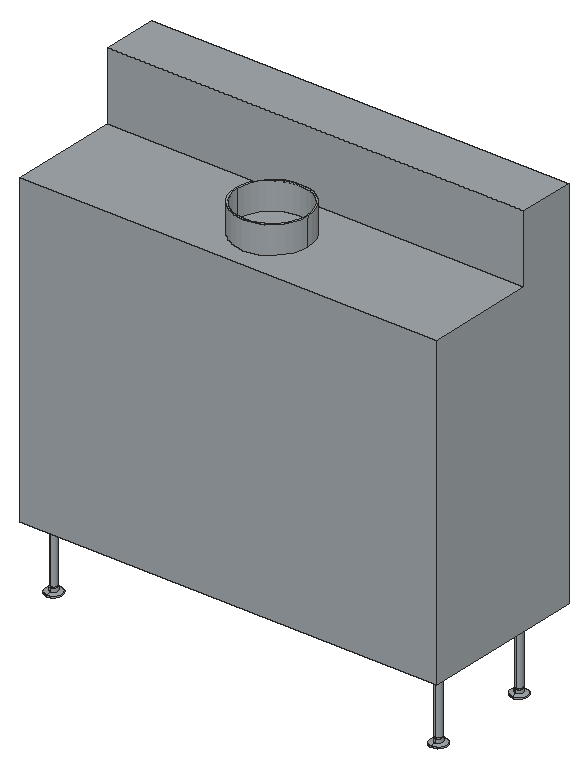
Revit family "METALFIRE_ULTIMATE_C_MF_WHE_1S", category Mechanical Equipment, host Wall, Revit 2017
Family settings
  Host = Wall
  Round Connector Dimension = Use Diameter
  Part Type = Normal
  OmniClass Number = 23.75.00.00
  OmniClass Title = Climate Control (HVAC)
  Always vertical = Yes
  Cut with Voids When Loaded = No
  Shared = No
  Room Calculation Point = Yes
Parameters (values of type "1300 x 500 mm")
  WIDTH = 1308 mm
  WEIGHT = 433.00 kg
  URL = "https://www.metalfire.eu"
  TECHNICAL SHEET = "https://www.metalfire.eu/en/products/wood-fireplaces/ultime-d"
  SMOKE EXHAUST = "Ø250 mm"
  PRODUCT SHEET = "https://www.archiproducts.com/en/products/metalfire/wood-burning-fireplace-class-a-ultime-c_456694"
  PRODUCT CODE = "MF 1300-50 WHE 1S"
  OVERALL WIDTH = 1500 mm
  OVERALL HEIGHT = 1360 mm
  OVERALL DEPTH = 596 mm
  OUTPUT = 26.3 kW
  Model = "Ultime C"
  Manufacturer = "Metalfire"
  MATERIAL DESCRIPTION = "Iron, galvanized steel and vermiculite plates"
  HEIGHT = 510 mm
  FRAME MATERIAL = Iron - Metalfire
  FINISHING MATERIAL = Black painted vermiculite plates - Metalfire
  FINE DUST EMISSION = "17 mg/Nm3"
  ENERGY EFFICIENCY CLASS = "A"
  EFFICIENCY = 70.00%
  Description = "This generation of room air independent wood fireplaces with liftable door is equipped with a dynamic combustion technique that ensures optimal combustion and high efficiency."
  CO EMISSION = 0.10%
  BIM USER MANUAL = "https://img.edilportale.com/bim/METALFIRE-BIM-USER-MANUAL-Metalfire-bim.pdf"
  BIM BADGE = "https://bim.archiproducts.com/en/badge/bim-archiproducts-featured_658700/about"
  BIM AUTHOR = "https://bim.archiproducts.com"
Reference planes
  plane 1 "Wall": y = 0
  plane 2 "Center (Left/Right)": x = 0
  plane 3 "Back": y = 400
  plane 4: x = 654
  plane 5: x = -654
  plane 6: z = 358.8
  plane 7: z = 868.8
  plane 8: x = 693
  plane 9: x = -693
Forms (mm)
  Extrusion 1, void
    sketch origin (0, 400, 0) x (1, 0, 0) y (0, 0, 1)
      loop
        line (664, 348.8) -> (664, 878.8) -> (-664, 878.8) -> (-664, 348.8) -> (664, 348.8)
    from 0 to 70
  Extrusion 2, void
    sketch origin (0, 0, 0) x (0, 1, 0) y (0, 0, 1)
      loop
        line (380, 1599.8) -> (-216, 1599.8) -> (-216, 0) -> (380, 0) -> (380, 1599.8)
    from -714.5 to 714.5
  Revolve 3, solid, material "Iron - Metalfire" <- "FRAME MATERIAL", not visible, detail levels fine
    sketch origin (693, 293.599, 4000) x (0, 1, 0) y (0, 0, 1)
      loop
        line (-165.599, -3757.2) -> (-165.599, -4000) -> (-135.599, -4000) -> (-135.599, -3997) -> (-160.676, -3990.851) -> (-151.742, -3990.851) -> (-151.742, -3981.729) -> (-158.099, -3981.729) -> (-158.099, -3974.117) -> (-153.099, -3974.117) -> (-153.099, -3787.2) -> (-150.599, -3787.2) -> (-150.599, -3757.2) -> (-165.599, -3757.2)
      axis (-165.599, -3757.2) -> (-165.599, -4000)
    angle from 0 to 360
  Revolve 4, solid, material "Iron - Metalfire" <- "FRAME MATERIAL", not visible, detail levels fine
    sketch origin (693, -69.401, 4000) x (0, 1, 0) y (0, 0, 1)
      loop
        line (-165.599, -3757.2) -> (-165.599, -4000) -> (-135.599, -4000) -> (-135.599, -3997) -> (-160.676, -3990.851) -> (-151.742, -3990.851) -> (-151.742, -3981.729) -> (-158.099, -3981.729) -> (-158.099, -3974.117) -> (-153.099, -3974.117) -> (-153.099, -3787.2) -> (-150.599, -3787.2) -> (-150.599, -3757.2) -> (-165.599, -3757.2)
      axis (-165.599, -3757.2) -> (-165.599, -4000)
    angle from 0 to 360
  Revolve 5, solid, material "Iron - Metalfire" <- "FRAME MATERIAL", detail levels fine
    sketch origin (693, 393.599, 4000) x (0, 1, 0) y (0, 0, 1)
      loop
        line (-165.599, -3757.2) -> (-165.599, -4000) -> (-135.599, -4000) -> (-135.599, -3997) -> (-160.676, -3990.851) -> (-151.742, -3990.851) -> (-151.742, -3981.729) -> (-158.099, -3981.729) -> (-158.099, -3974.117) -> (-153.099, -3974.117) -> (-153.099, -3787.2) -> (-150.599, -3787.2) -> (-150.599, -3757.2) -> (-165.599, -3757.2)
      axis (-165.599, -3757.2) -> (-165.599, -4000)
    angle from 0 to 360
  Revolve 6, solid, material "Iron - Metalfire" <- "FRAME MATERIAL", detail levels fine
    sketch origin (-693, -393.599, 4000) x (0, -1, 0) y (0, 0, 1)
      loop
        line (-621.599, -3757.2) -> (-636.599, -3757.2) -> (-636.599, -3787.2) -> (-634.099, -3787.2) -> (-634.099, -3974.117) -> (-629.099, -3974.117) -> (-629.099, -3981.729) -> (-635.455, -3981.729) -> (-635.455, -3990.851) -> (-626.522, -3990.851) -> (-651.599, -3997) -> (-651.599, -4000) -> (-621.599, -4000) -> (-621.599, -3757.2)
      axis (-621.599, -3757.2) -> (-621.599, -4000)
    angle from 0 to 360
  Extrusion 7, solid, material "Black painted vermiculite plates - Metalfire" <- "FINISHING MATERIAL", detail levels medium+fine
    sketch origin (0, 1000, 0) x (1, 0, 0) y (0, 0, 1)
      loop
        line (654, 358.8) -> (654, 868.8) -> (-654, 868.8) -> (-654, 358.8) -> (654, 358.8)
      loop
        line (-664, 878.8) -> (-664, 348.8) -> (664, 348.8) -> (664, 878.8) -> (-664, 878.8)
    from 600 to 620
  Revolve 8, solid, material "Iron - Metalfire" <- "FRAME MATERIAL", detail levels fine
    sketch origin (693, 30.599, 4000) x (0, 1, 0) y (0, 0, 1)
      loop
        line (-165.599, -3757.2) -> (-165.599, -4000) -> (-135.599, -4000) -> (-135.599, -3997) -> (-160.676, -3990.851) -> (-151.742, -3990.851) -> (-151.742, -3981.729) -> (-158.099, -3981.729) -> (-158.099, -3974.117) -> (-153.099, -3974.117) -> (-153.099, -3787.2) -> (-150.599, -3787.2) -> (-150.599, -3757.2) -> (-165.599, -3757.2)
      axis (-165.599, -3757.2) -> (-165.599, -4000)
    angle from 0 to 360
  Revolve 9, solid, material "Iron - Metalfire" <- "FRAME MATERIAL", detail levels fine
    sketch origin (-693, -30.599, 4000) x (0, -1, 0) y (0, 0, 1)
      loop
        line (104.401, -3757.2) -> (89.401, -3757.2) -> (89.401, -3787.2) -> (91.901, -3787.2) -> (91.901, -3974.117) -> (96.901, -3974.117) -> (96.901, -3981.729) -> (90.545, -3981.729) -> (90.545, -3990.851) -> (99.478, -3990.851) -> (74.401, -3997) -> (74.401, -4000) -> (104.401, -4000) -> (104.401, -3757.2)
      axis (104.401, -3757.2) -> (104.401, -4000)
    angle from 0 to 360
  Extrusion 10, solid, material "Iron - Metalfire" <- "FRAME MATERIAL", detail levels fine
    sketch origin (-324, 1974.099, 4017.651) x (0, 1, 0) y (0, 0, 1)
      loop
        line (-2125.099, -3138.851) -> (-1594.099, -3138.851) -> (-1594.099, -2417.851) -> (-1794.099, -2417.851) -> (-1794.099, -2664.851) -> (-2190.099, -2664.851) -> (-2190.099, -3774.851) -> (-1594.099, -3774.851) -> (-1594.099, -3668.851) -> (-2125.099, -3668.851) -> (-2125.099, -3138.851)
    from -350 to 998
  Extrusion 11, solid, material "Iron - Metalfire" <- "FRAME MATERIAL", detail levels fine
    sketch origin (0, 700, 0) x (1, 0, 0) y (0, 1, 0)
      loop
        circle (0, -718.5) r 125
      loop
        circle (0, -718.5) r 130
    from 1352.8 to 1451.8
  Extrusion 12, solid, material "Iron - Metalfire" <- "FRAME MATERIAL", detail levels fine
    sketch origin (324, -225.901, 4017.651) x (0, 1, 0) y (0, 0, -1)
      loop
        line (9.901, 2664.851) -> (405.901, 2664.851) -> (405.901, 2417.851) -> (605.901, 2417.851) -> (605.901, 3774.851) -> (9.901, 3774.851) -> (9.901, 2664.851)
    from -350 to -426
  Extrusion 13, solid, material "Black painted vermiculite plates - Metalfire" <- "FINISHING MATERIAL", detail levels medium+fine
    sketch origin (-1836.531, 976.501, 0) x (1, 0, 0) y (0, 1, 0)
      loop
        line (1162.531, -596.501) -> (1162.531, -1127.501) -> (2510.531, -1127.501) -> (2510.531, -596.501) -> (2490.531, -596.501) -> (2490.531, -676.501) -> (2500.531, -676.501) -> (2500.531, -696.501) -> (2490.531, -696.501) -> (2490.531, -716.501) -> (2500.531, -716.501) -> (2500.531, -736.501) -> (2490.531, -736.501) -> (2490.531, -756.501) -> (2500.531, -756.501) -> (2500.531, -776.501) -> (2490.531, -776.501) -> (2490.531, -796.501) -> (2500.531, -796.501) -> (2500.531, -816.501) -> (2490.531, -816.501) -> (2490.531, -836.501) -> (2500.531, -836.501) -> (2500.531, -856.501) -> (2490.531, -856.501) -> (2490.531, -876.501) -> (2500.531, -876.501) -> (2500.531, -896.501) -> (2490.531, -896.501) -> (2490.531, -916.501) -> (2500.531, -916.501) -> (2500.531, -936.501) -> (2490.531, -936.501) -> (2490.531, -956.501) -> (2500.531, -956.501) -> (2500.531, -976.501) -> (2490.531, -976.501) -> (2490.531, -996.501) -> (2500.531, -996.501) -> (2500.531, -1016.501) -> (2490.531, -1016.501) -> (2490.531, -1036.501) -> (2500.531, -1036.501) -> (2500.531, -1056.501) -> (2490.531, -1056.501) -> (2490.531, -1076.501) -> (2500.531, -1076.501) -> (2500.531, -1096.501) -> (2490.531, -1096.501) -> (2490.531, -1107.501) -> (2486.531, -1107.501) -> (2486.531, -1117.501) -> (2466.531, -1117.501) -> (2466.531, -1107.501) -> (2446.531, -1107.501) -> (2446.531, -1117.501) -> (2426.531, -1117.501) -> (2426.531, -1107.501) -> (2406.531, -1107.501) -> (2406.531, -1117.501) -> (2386.531, -1117.501) -> (2386.531, -1107.501) -> (2366.531, -1107.501) -> (2366.531, -1117.501) -> (2346.531, -1117.501) -> (2346.531, -1107.501) -> (2326.531, -1107.501) -> (2326.531, -1117.501) -> (2306.531, -1117.501) -> (2306.531, -1107.501) -> (2286.531, -1107.501) -> (2286.531, -1117.501) -> (2266.531, -1117.501) -> (2266.531, -1107.501) -> (2246.531, -1107.501) -> (2246.531, -1117.501) -> (2226.531, -1117.501) -> (2226.531, -1107.501) -> (2206.531, -1107.501) -> (2206.531, -1117.501) -> (2186.531, -1117.501) -> (2186.531, -1107.501) -> (2166.531, -1107.501) -> (2166.531, -1117.501) -> (2146.531, -1117.501) -> (2146.531, -1107.501) -> (2126.531, -1107.501) -> (2126.531, -1117.501) -> (2106.531, -1117.501) -> (2106.531, -1107.501) -> (2086.531, -1107.501) -> (2086.531, -1117.501) -> (2066.531, -1117.501) -> (2066.531, -1107.501) -> (2046.531, -1107.501) -> (2046.531, -1117.501) -> (2026.531, -1117.501) -> (2026.531, -1107.501) -> (2006.531, -1107.501) -> (2006.531, -1117.501) -> (1986.531, -1117.501) -> (1986.531, -1107.501) -> (1966.531, -1107.501) -> (1966.531, -1117.501) -> (1946.531, -1117.501) -> (1946.531, -1107.501) -> (1926.531, -1107.501) -> (1926.531, -1117.501) -> (1906.531, -1117.501) -> (1906.531, -1107.501) -> (1886.531, -1107.501) -> (1886.531, -1117.501) -> (1866.531, -1117.501) -> (1866.531, -1107.501) -> (1846.531, -1107.501) -> (1846.531, -1117.501) -> (1826.531, -1117.501) -> (1826.531, -1107.501) -> (1806.531, -1107.501) -> (1806.531, -1117.501) -> (1786.531, -1117.501) -> (1786.531, -1107.501) -> (1766.531, -1107.501) -> (1766.531, -1117.501) -> (1746.531, -1117.501) -> (1746.531, -1107.501) -> (1726.531, -1107.501) -> (1726.531, -1117.501) -> (1706.531, -1117.501) -> (1706.531, -1107.501) -> (1686.531, -1107.501) -> (1686.531, -1117.501) -> (1666.531, -1117.501) -> (1666.531, -1107.501) -> (1646.531, -1107.501) -> (1646.531, -1117.501) -> (1626.531, -1117.501) -> (1626.531, -1107.501) -> (1606.531, -1107.501) -> (1606.531, -1117.501) -> (1586.531, -1117.501) -> (1586.531, -1107.501) -> (1566.531, -1107.501) -> (1566.531, -1117.501) -> (1546.531, -1117.501) -> (1546.531, -1107.501) -> (1526.531, -1107.501) -> (1526.531, -1117.501) -> (1506.531, -1117.501) -> (1506.531, -1107.501) -> (1486.531, -1107.501) -> (1486.531, -1117.501) -> (1466.531, -1117.501) -> (1466.531, -1107.501) -> (1446.531, -1107.501) -> (1446.531, -1117.501) -> (1426.531, -1117.501) -> (1426.531, -1107.501) -> (1406.531, -1107.501) -> (1406.531, -1117.501) -> (1386.531, -1117.501) -> (1386.531, -1107.501) -> (1366.531, -1107.501) -> (1366.531, -1117.501) -> (1346.531, -1117.501) -> (1346.531, -1107.501) -> (1326.531, -1107.501) -> (1326.531, -1117.501) -> (1306.531, -1117.501) -> (1306.531, -1107.501) -> (1286.531, -1107.501) -> (1286.531, -1117.501) -> (1266.531, -1117.501) -> (1266.531, -1107.501) -> (1246.531, -1107.501) -> (1246.531, -1117.501) -> (1226.531, -1117.501) -> (1226.531, -1107.501) -> (1206.531, -1107.501) -> (1206.531, -1117.501) -> (1186.531, -1117.501) -> (1186.531, -1107.501) -> (1182.531, -1107.501) -> (1182.531, -1096.501) -> (1172.531, -1096.501) -> (1172.531, -1076.501) -> (1182.531, -1076.501) -> (1182.531, -1056.501) -> (1172.531, -1056.501) -> (1172.531, -1036.501) -> (1182.531, -1036.501) -> (1182.531, -1016.501) -> (1172.531, -1016.501) -> (1172.531, -996.501) -> (1182.531, -996.501) -> (1182.531, -976.501) -> (1172.531, -976.501) -> (1172.531, -956.501) -> (1182.531, -956.501) -> (1182.531, -936.501) -> (1172.531, -936.501) -> (1172.531, -916.501) -> (1182.531, -916.501) -> (1182.531, -896.501) -> (1172.531, -896.501) -> (1172.531, -876.501) -> (1182.531, -876.501) -> (1182.531, -856.501) -> (1172.531, -856.501) -> (1172.531, -836.501) -> (1182.531, -836.501) -> (1182.531, -816.501) -> (1172.531, -816.501) -> (1172.531, -796.501) -> (1182.531, -796.501) -> (1182.531, -776.501) -> (1172.531, -776.501) -> (1172.531, -756.501) -> (1182.531, -756.501) -> (1182.531, -736.501) -> (1172.531, -736.501) -> (1172.531, -716.501) -> (1182.531, -716.501) -> (1182.531, -696.501) -> (1172.531, -696.501) -> (1172.531, -676.501) -> (1182.531, -676.501) -> (1182.531, -596.501) -> (1162.531, -596.501)
    from 358.8 to 868.8
  Extrusion 14, solid, material "Black painted vermiculite plates - Metalfire" <- "FINISHING MATERIAL", not visible, detail levels medium+fine
    sketch origin (-1836.531, 64.133, 0) x (1, 0, 0) y (0, 1, 0)
      loop
        line (1162.531, -596.501) -> (1162.531, -1127.501) -> (2510.531, -1127.501) -> (2510.531, -596.501) -> (2490.531, -596.501) -> (2490.531, -676.501) -> (2500.531, -676.501) -> (2500.531, -696.501) -> (2490.531, -696.501) -> (2490.531, -716.501) -> (2500.531, -716.501) -> (2500.531, -736.501) -> (2490.531, -736.501) -> (2490.531, -756.501) -> (2500.531, -756.501) -> (2500.531, -776.501) -> (2490.531, -776.501) -> (2490.531, -796.501) -> (2500.531, -796.501) -> (2500.531, -816.501) -> (2490.531, -816.501) -> (2490.531, -836.501) -> (2500.531, -836.501) -> (2500.531, -856.501) -> (2490.531, -856.501) -> (2490.531, -876.501) -> (2500.531, -876.501) -> (2500.531, -896.501) -> (2490.531, -896.501) -> (2490.531, -916.501) -> (2500.531, -916.501) -> (2500.531, -936.501) -> (2490.531, -936.501) -> (2490.531, -956.501) -> (2500.531, -956.501) -> (2500.531, -976.501) -> (2490.531, -976.501) -> (2490.531, -996.501) -> (2500.531, -996.501) -> (2500.531, -1016.501) -> (2490.531, -1016.501) -> (2490.531, -1036.501) -> (2500.531, -1036.501) -> (2500.531, -1056.501) -> (2490.531, -1056.501) -> (2490.531, -1076.501) -> (2500.531, -1076.501) -> (2500.531, -1096.501) -> (2490.531, -1096.501) -> (2490.531, -1107.501) -> (2486.531, -1107.501) -> (2486.531, -1117.501) -> (2466.531, -1117.501) -> (2466.531, -1107.501) -> (2446.531, -1107.501) -> (2446.531, -1117.501) -> (2426.531, -1117.501) -> (2426.531, -1107.501) -> (2406.531, -1107.501) -> (2406.531, -1117.501) -> (2386.531, -1117.501) -> (2386.531, -1107.501) -> (2366.531, -1107.501) -> (2366.531, -1117.501) -> (2346.531, -1117.501) -> (2346.531, -1107.501) -> (2326.531, -1107.501) -> (2326.531, -1117.501) -> (2306.531, -1117.501) -> (2306.531, -1107.501) -> (2286.531, -1107.501) -> (2286.531, -1117.501) -> (2266.531, -1117.501) -> (2266.531, -1107.501) -> (2246.531, -1107.501) -> (2246.531, -1117.501) -> (2226.531, -1117.501) -> (2226.531, -1107.501) -> (2206.531, -1107.501) -> (2206.531, -1117.501) -> (2186.531, -1117.501) -> (2186.531, -1107.501) -> (2166.531, -1107.501) -> (2166.531, -1117.501) -> (2146.531, -1117.501) -> (2146.531, -1107.501) -> (2126.531, -1107.501) -> (2126.531, -1117.501) -> (2106.531, -1117.501) -> (2106.531, -1107.501) -> (2086.531, -1107.501) -> (2086.531, -1117.501) -> (2066.531, -1117.501) -> (2066.531, -1107.501) -> (2046.531, -1107.501) -> (2046.531, -1117.501) -> (2026.531, -1117.501) -> (2026.531, -1107.501) -> (2006.531, -1107.501) -> (2006.531, -1117.501) -> (1986.531, -1117.501) -> (1986.531, -1107.501) -> (1966.531, -1107.501) -> (1966.531, -1117.501) -> (1946.531, -1117.501) -> (1946.531, -1107.501) -> (1926.531, -1107.501) -> (1926.531, -1117.501) -> (1906.531, -1117.501) -> (1906.531, -1107.501) -> (1886.531, -1107.501) -> (1886.531, -1117.501) -> (1866.531, -1117.501) -> (1866.531, -1107.501) -> (1846.531, -1107.501) -> (1846.531, -1117.501) -> (1826.531, -1117.501) -> (1826.531, -1107.501) -> (1806.531, -1107.501) -> (1806.531, -1117.501) -> (1786.531, -1117.501) -> (1786.531, -1107.501) -> (1766.531, -1107.501) -> (1766.531, -1117.501) -> (1746.531, -1117.501) -> (1746.531, -1107.501) -> (1726.531, -1107.501) -> (1726.531, -1117.501) -> (1706.531, -1117.501) -> (1706.531, -1107.501) -> (1686.531, -1107.501) -> (1686.531, -1117.501) -> (1666.531, -1117.501) -> (1666.531, -1107.501) -> (1646.531, -1107.501) -> (1646.531, -1117.501) -> (1626.531, -1117.501) -> (1626.531, -1107.501) -> (1606.531, -1107.501) -> (1606.531, -1117.501) -> (1586.531, -1117.501) -> (1586.531, -1107.501) -> (1566.531, -1107.501) -> (1566.531, -1117.501) -> (1546.531, -1117.501) -> (1546.531, -1107.501) -> (1526.531, -1107.501) -> (1526.531, -1117.501) -> (1506.531, -1117.501) -> (1506.531, -1107.501) -> (1486.531, -1107.501) -> (1486.531, -1117.501) -> (1466.531, -1117.501) -> (1466.531, -1107.501) -> (1446.531, -1107.501) -> (1446.531, -1117.501) -> (1426.531, -1117.501) -> (1426.531, -1107.501) -> (1406.531, -1107.501) -> (1406.531, -1117.501) -> (1386.531, -1117.501) -> (1386.531, -1107.501) -> (1366.531, -1107.501) -> (1366.531, -1117.501) -> (1346.531, -1117.501) -> (1346.531, -1107.501) -> (1326.531, -1107.501) -> (1326.531, -1117.501) -> (1306.531, -1117.501) -> (1306.531, -1107.501) -> (1286.531, -1107.501) -> (1286.531, -1117.501) -> (1266.531, -1117.501) -> (1266.531, -1107.501) -> (1246.531, -1107.501) -> (1246.531, -1117.501) -> (1226.531, -1117.501) -> (1226.531, -1107.501) -> (1206.531, -1107.501) -> (1206.531, -1117.501) -> (1186.531, -1117.501) -> (1186.531, -1107.501) -> (1182.531, -1107.501) -> (1182.531, -1096.501) -> (1172.531, -1096.501) -> (1172.531, -1076.501) -> (1182.531, -1076.501) -> (1182.531, -1056.501) -> (1172.531, -1056.501) -> (1172.531, -1036.501) -> (1182.531, -1036.501) -> (1182.531, -1016.501) -> (1172.531, -1016.501) -> (1172.531, -996.501) -> (1182.531, -996.501) -> (1182.531, -976.501) -> (1172.531, -976.501) -> (1172.531, -956.501) -> (1182.531, -956.501) -> (1182.531, -936.501) -> (1172.531, -936.501) -> (1172.531, -916.501) -> (1182.531, -916.501) -> (1182.531, -896.501) -> (1172.531, -896.501) -> (1172.531, -876.501) -> (1182.531, -876.501) -> (1182.531, -856.501) -> (1172.531, -856.501) -> (1172.531, -836.501) -> (1182.531, -836.501) -> (1182.531, -816.501) -> (1172.531, -816.501) -> (1172.531, -796.501) -> (1182.531, -796.501) -> (1182.531, -776.501) -> (1172.531, -776.501) -> (1172.531, -756.501) -> (1182.531, -756.501) -> (1182.531, -736.501) -> (1172.531, -736.501) -> (1172.531, -716.501) -> (1182.531, -716.501) -> (1182.531, -696.501) -> (1172.531, -696.501) -> (1172.531, -676.501) -> (1182.531, -676.501) -> (1182.531, -596.501) -> (1162.531, -596.501)
    from 358.8 to 868.8
  Extrusion 15, solid, material "Iron - Metalfire" <- "FRAME MATERIAL", detail levels fine
    sketch origin (-324, -225.901, 4017.651) x (0, 1, 0) y (0, 0, 1)
      loop
        line (9.901, -2664.851) -> (9.901, -3774.851) -> (605.901, -3774.851) -> (605.901, -2417.851) -> (405.901, -2417.851) -> (405.901, -2664.851) -> (9.901, -2664.851)
    from -350 to -426
  Extrusion 16, solid, material "Black painted vermiculite plates - Metalfire" <- "FINISHING MATERIAL", detail levels medium+fine
    sketch origin (-324, -225.901, 4017.651) x (0, 1, 0) y (0, 0, 1)
      loop
        line (74.901, -3138.851) -> (74.901, -3148.851) -> (605.901, -3148.851) -> (605.901, -3138.851) -> (74.901, -3138.851)
      loop
        line (74.901, -3668.851) -> (605.901, -3668.851) -> (605.901, -3658.851) -> (74.901, -3658.851) -> (74.901, -3668.851)
    from 998 to -350
  Extrusion 17, solid, material "Black painted vermiculite plates - Metalfire" <- "FINISHING MATERIAL", not visible, detail levels medium+fine
    sketch origin (-324, -1138.269, 4017.651) x (0, 1, 0) y (0, 0, 1)
      loop
        line (74.901, -3138.851) -> (74.901, -3148.851) -> (605.901, -3148.851) -> (605.901, -3138.851) -> (74.901, -3138.851)
      loop
        line (74.901, -3668.851) -> (605.901, -3668.851) -> (605.901, -3658.851) -> (74.901, -3658.851) -> (74.901, -3668.851)
    from 998 to -350
  Extrusion 18, solid, material "Clear Glass - Metalfire", detail levels medium+fine
    sketch origin (-324, -225.901, 4017.651) x (0, 1, 0) y (0, 0, 1)
      loop
        line (605.901, -3658.851) -> (605.901, -3148.851) -> (600.901, -3148.851) -> (600.901, -3658.851) -> (605.901, -3658.851)
    from -330 to 978
Cuts and joins
  joined: Extrusion 10, Extrusion 12, Extrusion 15
  joined: Extrusion 13, Extrusion 16
Text (mm)
  text "Placement side" at (-1820.995, 1116.779, 0), in view "Ref. Level"
  text "Placement side" at (0, 1334.055, 2976.191), in view "Left"
  text "Placement side" at (0, 439.194, 2944.362), in view "Right"
Dimensions and locks
  locked: plane 3 "Back" to host wall
  equal spacing: plane 5, plane 2 "Center (Left/Right)", plane 4
  "WIDTH": plane 5 to plane 4
  locked: level to plane 6 at 358.8
  "HEIGHT": plane 6 to plane 7
  locked: plane 8 to plane 4 at 39
  locked: plane 5 to plane 9 at 39
  locked: Extrusion 7 sketch curve to Extrusion 7 sketch curve at 10  (x4)
  Extrusion 10 sketch curve to Extrusion 10 sketch curve to Extrusion 10 sketch curve to Extrusion 10 sketch curve to plane 3 "Back" = 65 mm locked, 331 mm locked, 200 mm locked, 20 mm locked
  locked: Revolve 5 to plane 3 "Back" at 179.5
  locked: Revolve 6 to plane 3 "Back" at 187
  locked: Extrusion 7 to Extrusion 7 at 20
  locked: Extrusion 11 sketch curve to plane 3 "Back" at 418.5
  locked: Extrusion 13 sketch curve to Extrusion 13 sketch curve at 531
  locked: Extrusion 14 sketch curve to Extrusion 14 sketch curve at 531
  plane 7 to Extrusion 10 sketch curve to Extrusion 10 sketch curve to Extrusion 10 sketch curve = 10 mm locked, 474 mm locked, 247 mm locked
  plane 6 to Extrusion 10 sketch curve to Extrusion 10 sketch curve = 10 mm locked, 106 mm locked
  locked: Extrusion 12 to plane 8 at 57
  locked: Extrusion 12 to plane 8 at 19
  locked: plane 9 to Extrusion 10 at 19
  locked: Extrusion 15 to plane 9 at 57
  locked: Extrusion 18 sketch curve to Extrusion 18 sketch curve at 5
  aligned and locked: plane 1 "Wall" to host wall
  aligned and locked: Extrusion 1 to plane 3 "Back"
  aligned and locked: Extrusion 10 sketch curve to Extrusion 10 sketch curve
  aligned and locked: Extrusion 7 to plane 3 "Back"
  aligned and locked: Extrusion 13 to Extrusion 13
  aligned and locked: plane 7 to Extrusion 13
  aligned and locked: Extrusion 13 to plane 6
  aligned and locked: Extrusion 12 to Extrusion 10  (x3)
  aligned and locked: cut or joined group of Extrusion 10, Extrusion 12, Extrusion 15 to Extrusion 13
  aligned and locked: Extrusion 15 to cut or joined group of Extrusion 10, Extrusion 12, Extrusion 15
  aligned and locked: Extrusion 15 sketch curve to cut or joined group of Extrusion 10, Extrusion 12, Extrusion 15  (x6)
  aligned and locked: Extrusion 16 sketch curve to Extrusion 13  (x2)
  aligned and locked: Extrusion 16 to cut or joined group of Extrusion 10, Extrusion 12, Extrusion 15  (x2)
  aligned and locked: Extrusion 17 sketch curve to Extrusion 14  (x2)
  aligned and locked: nested 1 to cut or joined group of Extrusion 10, Extrusion 12, Extrusion 15  (x3)
  aligned and locked: cut or joined group of Extrusion 10, Extrusion 12, Extrusion 15 to nested 1
  aligned and locked: Extrusion 18 sketch curve to cut or joined group of Extrusion 13, Extrusion 16
  aligned and locked: Extrusion 7 to Extrusion 18 sketch curve
  aligned and locked: cut or joined group of Extrusion 13, Extrusion 16 to Extrusion 18 sketch curve
  aligned and locked: Extrusion 18 to Extrusion 7  (x2)
  aligned and locked: Extrusion 2 sketch curve to cut or joined group of Extrusion 10, Extrusion 12, Extrusion 15  (x3)
Automatic sketch dimensions
  Revolve 3 sketch curve to Revolve 3 sketch curve = 4.923 mm
  Revolve 3 sketch curve to Revolve 3 sketch curve = 2.577 mm
  Revolve 3 sketch curve to Revolve 3 sketch curve = 5 mm
  Revolve 3 sketch curve to Revolve 3 sketch curve = 8.933 mm
  Revolve 3 sketch curve to Revolve 3 sketch curve = 15 mm
  Revolve 3 sketch curve to Revolve 3 sketch curve = 16.144 mm
  Revolve 3 sketch curve to Revolve 3 sketch curve = 3 mm
  Revolve 3 sketch curve to Revolve 3 sketch curve = 9.149 mm
  Revolve 3 sketch curve to Revolve 3 sketch curve = 9.121 mm
  Revolve 3 sketch curve to Revolve 3 sketch curve = 7.612 mm
  Revolve 3 sketch curve to Revolve 3 sketch curve = 186.917 mm
  Revolve 3 sketch curve to Revolve 3 sketch curve = 30 mm
  Revolve 3 sketch curve to Revolve 3 sketch curve = 0 mm
  Revolve 3 sketch curve to Revolve 3 sketch curve = 29 mm
  Revolve 3 sketch curve to Revolve 3 sketch curve = 33.2 mm
  Revolve 5 sketch curve to Revolve 5 sketch curve = 4.923 mm
  Revolve 5 sketch curve to Revolve 5 sketch curve = 2.577 mm
  Revolve 5 sketch curve to Revolve 5 sketch curve = 5 mm
  Revolve 5 sketch curve to Revolve 5 sketch curve = 8.933 mm
  Revolve 5 sketch curve to Revolve 5 sketch curve = 15 mm
  Revolve 5 sketch curve to Revolve 5 sketch curve = 16.144 mm
  Revolve 5 sketch curve to Revolve 5 sketch curve = 3 mm
  Revolve 5 sketch curve to Revolve 5 sketch curve = 9.149 mm
  Revolve 5 sketch curve to Revolve 5 sketch curve = 9.121 mm
  Revolve 5 sketch curve to Revolve 5 sketch curve = 7.612 mm
  Revolve 5 sketch curve to Revolve 5 sketch curve = 186.917 mm
  Revolve 5 sketch curve to Revolve 5 sketch curve = 30 mm
  Revolve 5 sketch curve to Revolve 5 sketch curve = 0 mm
  Revolve 5 sketch curve to Revolve 5 sketch curve = 29 mm
  Revolve 5 sketch curve to Revolve 5 sketch curve = 33.2 mm
  Revolve 6 sketch curve to Revolve 6 sketch curve = 4.923 mm
  Revolve 6 sketch curve to Revolve 6 sketch curve = 2.577 mm
  Revolve 6 sketch curve to Revolve 6 sketch curve = 5 mm
  Revolve 6 sketch curve to Revolve 6 sketch curve = 8.933 mm
  Revolve 6 sketch curve to Revolve 6 sketch curve = 15 mm
  Revolve 6 sketch curve to Revolve 6 sketch curve = 16.144 mm
  Revolve 6 sketch curve to Revolve 6 sketch curve = 3 mm
  Revolve 6 sketch curve to Revolve 6 sketch curve = 9.149 mm
  Revolve 6 sketch curve to Revolve 6 sketch curve = 9.121 mm
  Revolve 6 sketch curve to Revolve 6 sketch curve = 7.612 mm
  Revolve 6 sketch curve to Revolve 6 sketch curve = 186.917 mm
  Revolve 6 sketch curve to Revolve 6 sketch curve = 30 mm
  Revolve 6 sketch curve to Revolve 6 sketch curve = 0 mm
  Revolve 6 sketch curve to Revolve 6 sketch curve = 29 mm
  Revolve 6 sketch curve to Revolve 6 sketch curve = 33.2 mm
  Revolve 9 sketch curve to Revolve 9 sketch curve = 15 mm
  Revolve 9 sketch curve to Revolve 9 sketch curve = 16.144 mm
  Revolve 9 sketch curve to Revolve 9 sketch curve = 1.356 mm
  Revolve 9 sketch curve to Revolve 9 sketch curve = 6.356 mm
  Revolve 9 sketch curve to Revolve 9 sketch curve = 8.933 mm
  Revolve 9 sketch curve to Revolve 9 sketch curve = 4.923 mm
  Revolve 9 sketch curve to Revolve 9 sketch curve = 3 mm
  Revolve 9 sketch curve to Revolve 9 sketch curve = 9.149 mm
  Revolve 9 sketch curve to Revolve 9 sketch curve = 9.121 mm
  Revolve 9 sketch curve to Revolve 9 sketch curve = 7.612 mm
  Revolve 9 sketch curve to Revolve 9 sketch curve = 186.917 mm
  Revolve 9 sketch curve to Revolve 9 sketch curve = 30 mm
  Revolve 9 sketch curve to Revolve 9 sketch curve = 0 mm
  Revolve 9 sketch curve to Revolve 9 sketch curve = 29 mm
  Revolve 9 sketch curve to Revolve 9 sketch curve = 33.2 mm
  Extrusion 13 sketch curve to Extrusion 13 sketch curve = 10 mm  (x71)
  Extrusion 13 sketch curve to Extrusion 13 sketch curve = 4 mm  (x3)
  Extrusion 13 sketch curve to Extrusion 13 sketch curve = 20 mm  (x108)
  Extrusion 13 sketch curve to Extrusion 13 sketch curve = 0 mm  (x40)
  Extrusion 13 sketch curve to Extrusion 13 sketch curve = 11 mm  (x2)
  Extrusion 13 sketch curve to Extrusion 13 sketch curve = 80 mm
  Extrusion 14 sketch curve to Extrusion 14 sketch curve = 10 mm  (x71)
  Extrusion 14 sketch curve to Extrusion 14 sketch curve = 4 mm  (x3)
  Extrusion 14 sketch curve to Extrusion 14 sketch curve = 20 mm  (x108)
  Extrusion 14 sketch curve to Extrusion 14 sketch curve = 0 mm  (x40)
  Extrusion 14 sketch curve to Extrusion 14 sketch curve = 11 mm  (x2)
  Extrusion 14 sketch curve to Extrusion 14 sketch curve = 80 mm
  Extrusion 1 sketch curve to plane 5 = 10 mm
  plane 4 to Extrusion 1 sketch curve = 10 mm
  Extrusion 1 sketch curve to plane 6 = 10 mm
  plane 7 to Extrusion 1 sketch curve = 10 mm
  Extrusion 7 sketch curve to plane 5 = 0 mm
  Extrusion 7 sketch curve to plane 4 = 0 mm
  Extrusion 7 sketch curve to plane 6 = 0 mm
  Extrusion 7 sketch curve to plane 7 = 0 mm
  Extrusion 11 sketch curve to Extrusion 11 sketch curve = 0 mm  (x2)
  Extrusion 11 sketch curve to plane 2 "Center (Left/Right)" = 0 mm
  Extrusion 12 sketch curve to host wall = 184 mm
  Extrusion 12 sketch curve to host wall = 180 mm
  Extrusion 12 sketch curve to host wall = 20 mm
  plane 7 to Extrusion 12 sketch curve = 731 mm
  Extrusion 12 sketch curve to Extrusion 12 sketch curve = 247 mm
  Extrusion 12 sketch curve to plane 6 = 116 mm
  Extrusion 16 sketch curve to Extrusion 16 sketch curve = 0 mm  (x2)
  Extrusion 16 sketch curve to Extrusion 16 sketch curve = 531 mm
  Extrusion 16 sketch curve to Extrusion 16 sketch curve = 10 mm  (x2)
  Revolve 4 sketch curve to Revolve 4 sketch curve = 15 mm
  Revolve 4 sketch curve to Revolve 4 sketch curve = 16.144 mm
  Revolve 4 sketch curve to Revolve 4 sketch curve = 1.356 mm
  Revolve 4 sketch curve to Revolve 4 sketch curve = 6.356 mm
  Revolve 4 sketch curve to Revolve 4 sketch curve = 8.933 mm
  Revolve 4 sketch curve to Revolve 4 sketch curve = 4.923 mm
  Revolve 4 sketch curve to Revolve 4 sketch curve = 3 mm
  Revolve 4 sketch curve to Revolve 4 sketch curve = 9.149 mm
  Revolve 4 sketch curve to Revolve 4 sketch curve = 9.121 mm
  Revolve 4 sketch curve to Revolve 4 sketch curve = 7.612 mm
  Revolve 4 sketch curve to Revolve 4 sketch curve = 186.917 mm
  Revolve 4 sketch curve to Revolve 4 sketch curve = 30 mm
  Revolve 4 sketch curve to Revolve 4 sketch curve = 0 mm
  Revolve 4 sketch curve to Revolve 4 sketch curve = 29 mm
  Revolve 4 sketch curve to Revolve 4 sketch curve = 33.2 mm
  Revolve 8 sketch curve to Revolve 8 sketch curve = 15 mm
  Revolve 8 sketch curve to Revolve 8 sketch curve = 16.144 mm
  Revolve 8 sketch curve to Revolve 8 sketch curve = 1.356 mm
  Revolve 8 sketch curve to Revolve 8 sketch curve = 6.356 mm
  Revolve 8 sketch curve to Revolve 8 sketch curve = 8.933 mm
  Revolve 8 sketch curve to Revolve 8 sketch curve = 4.923 mm
  Revolve 8 sketch curve to Revolve 8 sketch curve = 3 mm
  Revolve 8 sketch curve to Revolve 8 sketch curve = 9.149 mm
  Revolve 8 sketch curve to Revolve 8 sketch curve = 9.121 mm
  Revolve 8 sketch curve to Revolve 8 sketch curve = 7.612 mm
  Revolve 8 sketch curve to Revolve 8 sketch curve = 186.917 mm
  Revolve 8 sketch curve to Revolve 8 sketch curve = 30 mm
  Revolve 8 sketch curve to Revolve 8 sketch curve = 0 mm
  Revolve 8 sketch curve to Revolve 8 sketch curve = 29 mm
  Revolve 8 sketch curve to Revolve 8 sketch curve = 33.2 mm
  Extrusion 2 sketch curve to level = 0 mm
  radius of Extrusion 11 sketch curve = 125 mm
  radius of Extrusion 11 sketch curve = 130 mm
Nested families
  nested 1: "FIREPLACE_SYMBOL_detail item" at (0, 82, 0), type "FIREPLACE_SYMBOL_detail item", detail levels coarse
    with WIDTH 1500 mm, HEIGHT 596 mm
Connectors
  piping at (0, -18.5, 1352.8), diameter 250
    settings: on Extrusion 11, index 1, connector inside diameter 609.6 mm, connector length 0 mm, flow factor 0, pipe flow 0.0 L/s, pressure drop 0.0 Pa, fitting loss kfactor 0, connector angle 0.00°, fixture units 0, engagement length 0 mm, angle of deflection 0.00°, flow configuration 1, flow direction 2, fitting loss method 0, system type 22, joint type 0, gender type 0, connector reference index -1, connector utility 0, adjustable connector no, is connector primary yes, connector description ""
Definition of nested family "FIREPLACE_SYMBOL_detail item"
  Parameters (values of type "FIREPLACE_SYMBOL_detail item")
    WIDTH [instance] = 500 mm
    HEIGHT [instance] = 500 mm
  Reference planes
    plane 1 "Center (Front/Back)": y = 0
    plane 2: z = 0
    plane 3 "Center (Left/Right)": x = 0
    plane 4: x = 250
    plane 5: x = -250
    plane 6: y = 250
    plane 7: y = -250
  Lines and regions (mm)
    Filled region 1, type "Concrete", in view "Ref. Level"
      outline origin (-246.617, 90, 0) x (1, 0, 0) y (0, 1, 0)
        loop
          line (-3.383, -340) -> (496.617, -340) -> (496.617, 160) -> (-3.383, -340)
    detail lines, in view "Ref. Level"
      curve 1: line (-250, 250, 0) -> (250, 250, 0)
      curve 2: line (-250, -250, 0) -> (-250, 250, 0)
      curve 3: line (250, -250, 0) -> (-250, -250, 0)
      curve 4: line (250, 250, 0) -> (250, -250, 0)
  Dimensions and locks
    equal spacing: plane 5, plane 3 "Center (Left/Right)", plane 4
    equal spacing: plane 7, plane 1 "Center (Front/Back)", plane 6
    "WIDTH": plane 5 to plane 4
    "HEIGHT": plane 7 to plane 6
    aligned and locked: plane 6 to curve 1
    aligned and locked: plane 5 to curve 2
    aligned and locked: curve 3 to plane 7
    aligned and locked: curve 4 to plane 4
    aligned and locked: plane 6 to Filled region 1 sketch curve
    aligned and locked: plane 5 to Filled region 1 sketch curve
    aligned and locked: Filled region 1 sketch curve to plane 4
    aligned and locked: plane 7 to Filled region 1 sketch curve
